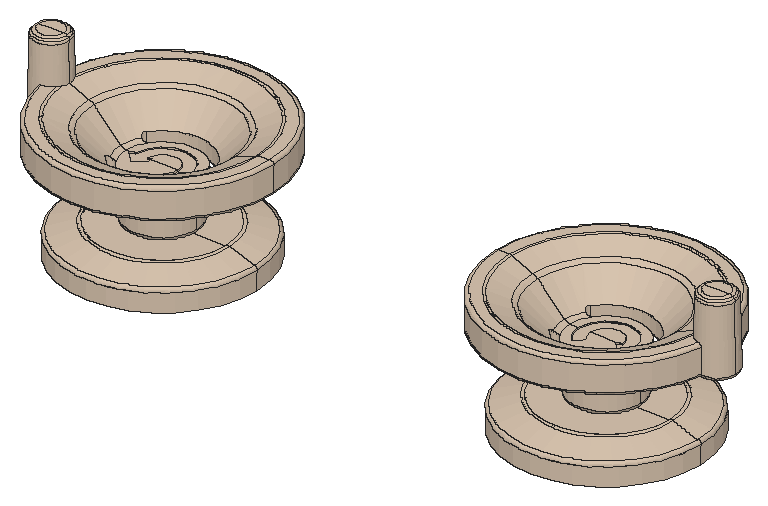
Revit family "Faucet-Wall_Mount-Handle-KALLISTA-Vice-P34893-1", category Plumbing Fixtures, host Face, Revit 2021
Family settings
  Host = Face
  Round Connector Dimension = Use Diameter
  Part Type = Normal
  OmniClass Number = 23.31.11.00
  OmniClass Title = Faucets
  Cut with Voids When Loaded = No
  Shared = No
  Room Calculation Point = No
Parameters (values of type "AF-French Gold")
  Width = 5.90551"  # constant formula
  WaterSense Certified = 1 = 0  # no
  Waste Water Outlet = "Waste Water Outlet"  # constant formula
  Waste Connection = 1 = 0  # no
  Vent Connection = 1 = 0  # no
  URL = "https://www.kallista.com/"
  Type = 1
  Product Page URL = ""
  Product Name = "Vice"  # constant formula
  Product Documentation Link = ""
  Pressure = 0.00 psi
  Model = if(Type = 1, "P34893-00-AF", if(Type = 2, "P34893-00-SN", if(Type = 3, "P34893-00-CP", if(Type = 4, "P34893-00-BGP", "NA"))))  # "P34893-00-AF"
  Material = "Premium Metal Construction"  # constant formula
  Master Format 2014 Name = "Residential Faucets, Supplies, and Trim"  # constant formula
  Master Format 2014 = "22 41 39"  # constant formula
  Manufacturer Address = "444 Highland Dr, Kohler, WI 53044"  # constant formula
  Manufacturer = "Kallista Co."  # constant formula
  Length = 2.16535"  # constant formula
  Hot Water Inlet = "Hot Water Inlet"  # constant formula
  Height = 2.95276"  # constant formula
  Handle Clearance = 3.20079"  # constant formula
  HW Connection = 1 = 1  # yes
  Flow Rate = 0 GPM
  Finish = Kallista-Metal-AF-French_Gold
  Environmental Product Declaration = ""
  Drain Included = 1 = 0  # no
  Description = "Wall Mount Bath Faucet Handles, Wheel"  # constant formula
  Default Elevation = 36"
  Declare Label = ""
  Date Modified = "04/26/2024"  # constant formula
  Date Created = "04/26/2024"  # constant formula
  Copyright = "Copyright Kallista Co."  # constant formula
  Contact Us = "https://www.kallista.com/corporate/contact-us/"
  Cold Water Inlet = "Cold Water Inlet"  # constant formula
  CW Connection = 1 = 1  # yes
  Assembly Code = "D2010"
  ADA Compliant = 1 = 0  # no
Types (5): name | Type | Model | Finish
  (no name) | 1 | "P34893-00-AF" | Kallista-Metal-AF-French_Gold
  AF-French Gold | 1 | "P34893-00-AF" | Kallista-Metal-AF-French_Gold
  SN-Polished Nickel | 2 | "P34893-00-SN" | Kallista-Metal-SN-Polished_Nickel
  CP-Chrome | 3 | "P34893-00-CP" | Kallista-Metal-CP-Chrome
  BGP | 4 | "P34893-00-BGP" | Kallista-Metal-BGP
Reference planes (in)
  plane 1 "Center (Front/Back)": y = 0
  plane 2: z = 0
  plane 3 "Center (Left/Right)": x = 0
  plane 4: x = -2.95276
  plane 5: x = 2.95276
  plane 6: x = -4.67717
  plane 7: y = -1.47638
  plane 8: x = -4.42913
  plane 9: x = -4.2126
  plane 10: x = -1.47638
  plane 11: x = -1.69291
  plane 12: y = 1.25984
  plane 13: y = 1.47638
  plane 14: y = -1.25984
  plane 15: x = 1.47638
  plane 16: x = 1.69291
  plane 17: x = 4.42913
  plane 18: x = 4.2126
  plane 19: x = 4.67717
  plane 20: z = 2.16535
  plane 21: z = 1.61417
  plane 22: z = 1.22047
  plane 23: z = 0.39405
Dimensions and locks (in)
  "Width": plane 4 to plane 5
  plane 4 to plane 10 = 1.47638"
  plane 8 to plane 4 = 1.47638"
  plane 9 to plane 4 = 1.25984"
  plane 4 to plane 11 = 1.25984"
  plane 16 to plane 5 = 1.25984"
  plane 5 to plane 18 = 1.25984"
  plane 5 to plane 17 = 1.47638"
  plane 15 to plane 5 = 1.47638"
  "Handle Clearance": plane 6 to plane 10
  "Handle Clearance": plane 15 to plane 19
  "Length": plane 20 to level
  plane 22 to level = 1.22047"
  plane 23 to level = 0.39405"
  plane 20 to plane 22 = 0.94488"
  plane 4 to plane 6 = 1.72441"
  plane 19 to plane 5 = 1.72441"
  level to plane 20 = 2.16535"
  plane 6 to plane 19 = 9.35433"
  "Height": plane 13 to plane 7
  aligned and locked: plane 2 to host face
  aligned and locked: level to host face
  aligned and locked: plane 4 to nested 1
  aligned and locked: plane 1 "Center (Front/Back)" to nested 1
  aligned and locked: plane 5 to nested 2
  aligned and locked: nested 2 to plane 1 "Center (Front/Back)"
Automatic sketch dimensions
  host sketch curve to host sketch curve = 96"  (x2)
Nested families (in)
  nested 1: "P34893" at (-2.95276, 0, 0), type "P34893"
  nested 2: "P34893" at (2.95276, 0, 0) x (-1, 0, 0) z (0, 0, 1), type "P34893"
Connectors (in)
  piping at (-2.95276, 0, 0), diameter 0.5, driven by "HW Connection", driven by "Hot Water Inlet"
    settings: on nested 1, index 1, connector inside diameter 24", connector length 0", flow factor 0, pipe flow 0 GPM, pressure drop 0.00 psi, fitting loss kfactor 0, connector angle 0.00°, fixture units 0, engagement length 0", angle of deflection 0.00°, flow configuration 0, flow direction 1, fitting loss method 0, system type 19, joint type 0, gender type 0, connector reference index -1, connector utility 1, adjustable connector no, is connector primary yes, connector description "Hot Water Inlet"
  piping at (2.95276, 0, 0), diameter 0.5, driven by "CW Connection", driven by "Cold Water Inlet"
    settings: on nested 2, index 2, connector inside diameter 24", connector length 0", flow factor 0, pipe flow 0 GPM, pressure drop 0.00 psi, fitting loss kfactor 0, connector angle 0.00°, fixture units 0, engagement length 0", angle of deflection 0.00°, flow configuration 0, flow direction 1, fitting loss method 0, system type 20, joint type 0, gender type 0, connector reference index -1, connector utility 1, adjustable connector no, is connector primary no, connector description "Cold Water Inlet"
Definition of nested family "P34893"
  Parameters
    Material = none
    Default Elevation = 0"
  Reference planes (in)
    plane 1 "Center (Front/Back)": y = 0
    plane 2: z = 0
    plane 3 "Center (Left/Right)": x = 0
    plane 4: x = 1.47638
    plane 5: x = -1.47638
    plane 6: y = 1.47638
    plane 7: y = -1.47638
    plane 8: y = -1.25984
    plane 9: y = 1.25984
    plane 10: x = 1.25984
    plane 11: x = -1.25984
    plane 12: x = -1.72441
    plane 13: z = 1.22047
    plane 14: z = 1.61417
    plane 15: z = 2.16535
    plane 16: z = 0.39405
  Forms (in)
    Revolve 1, solid, material <- "Material", detail levels medium+fine
      sketch origin (0, 0, 0) x (1, 0, 0) y (0, 0, 1)
        loop
          line (0, 0.39405) -> (-0.84758, 0.39405)
          arc (-0.84758, 0.39405) -> (-0.86964, 0.39241) -> (-0.89121, 0.38753) r 0.14921
          line (-0.89121, 0.38753) -> (-1.22365, 0.28589)
          arc (-1.22365, 0.28589) -> (-1.24981, 0.2674) -> (-1.25984, 0.23698) r 0.05115
          line (-1.25984, 0.23698) -> (-1.25984, 0) -> (0, 0) -> (0, 0.39405)
        axis (0, 0) -> (0, 0.39405)
      angle from 0 to 360
    Revolve 2, solid, material <- "Material", detail levels medium+fine
      sketch origin (0, 0, 0) x (1, 0, 0) y (0, 0, 1)
        loop
          line (0, 0.41399) -> (0.42554, 0.41399)
          arc (0.42554, 0.41399) -> (0.44945, 0.42374) -> (0.45972, 0.44743) r 0.03419
          line (0.45972, 0.44743) -> (0.467, 0.77838)
          arc (0.467, 0.77838) -> (0.50246, 0.86985) -> (0.5883, 0.91733) r 0.14388
          arc (0.5883, 0.91733) -> (0.60774, 0.92365) -> (0.62429, 0.93567) r 0.06539
          line (0.62429, 0.93567) -> (1.0492, 1.36059)
          arc (1.0492, 1.36059) -> (1.07285, 1.37991) -> (1.09987, 1.39413) r 0.15239
          line (1.09987, 1.39413) -> (1.22823, 1.44599)
          arc (1.22823, 1.44599) -> (1.28122, 1.44091) -> (1.3075, 1.39463) r 0.05769
          line (1.3075, 1.39463) -> (1.31317, 1.24158)
          arc (1.31317, 1.24158) -> (1.31955, 1.22731) -> (1.33405, 1.22146) r 0.02089
          line (1.33405, 1.22146) -> (1.45331, 1.22146)
          arc (1.45331, 1.22146) -> (1.46962, 1.22821) -> (1.47638, 1.24453) r 0.02307
          line (1.47638, 1.24453) -> (1.47638, 1.57021)
          arc (1.47638, 1.57021) -> (1.46321, 1.60199) -> (1.43143, 1.61516) r 0.04495
          line (1.43143, 1.61516) -> (1.28428, 1.61516)
          arc (1.28428, 1.61516) -> (1.26858, 1.61358) -> (1.25351, 1.6089) r 0.07874
          line (1.25351, 1.6089) -> (0.97723, 1.49163)
          arc (0.97723, 1.49163) -> (0.94407, 1.47362) -> (0.91495, 1.44962) r 0.19685
          line (0.91495, 1.44962) -> (0.55936, 1.09403)
          arc (0.55936, 1.09403) -> (0.52639, 1.07199) -> (0.48749, 1.06426) r 0.10164
          line (0.48749, 1.06426) -> (0, 1.06426) -> (0, 0.41399)
        axis (0, 0.41399) -> (0, 1.61516)
      angle from 0 to 360
    Extrusion 3, void
      sketch origin (0, 0.01845, 0) x (1, 0, 0) y (0, 1, 0)
        loop
          arc (-0.49427, 0.3193) -> (-0.48114, 0.24144) -> (-0.40332, 0.25479) r 0.05575
          arc (-0.40332, 0.25479) -> (-0.00073, 0.46358) -> (0.40186, 0.25479) r 0.49255
          arc (0.40186, 0.25479) -> (0.47969, 0.24144) -> (0.49282, 0.3193) r 0.05575
          arc (0.49282, 0.3193) -> (-0.00073, 0.57344) -> (-0.49427, 0.3193) r 0.60631
        loop
          arc (-0.49427, -0.35621) -> (-0.00073, -0.61035) -> (0.49282, -0.35621) r 0.60631
          arc (0.49282, -0.35621) -> (0.47969, -0.27835) -> (0.40186, -0.2917) r 0.05575
          arc (0.40186, -0.2917) -> (-0.00073, -0.50048) -> (-0.40332, -0.2917) r 0.49255
          arc (-0.40332, -0.2917) -> (-0.48114, -0.27835) -> (-0.49427, -0.35621) r 0.05575
      from 0.76778 to 1.23979
    Extrusion 4, void
      sketch origin (0, 0, 0) x (1, 0, 0) y (0, 1, 0)
        loop
          line (-0.41604, -0.03209) -> (-0.30937, -0.1548)
          arc (-0.30937, -0.1548) -> (-0.28524, -0.1658) -> (-0.26111, -0.1548) r 0.03197
          line (-0.26111, -0.1548) -> (-0.151, -0.02814)
          arc (-0.151, -0.02814) -> (-0.14681, 0.00077) -> (-0.17138, 0.01657) r 0.027
          line (-0.17138, 0.01657) -> (-0.20402, 0.01657)
          arc (-0.20402, 0.01657) -> (0.08143, 0.1878) -> (0.15154, -0.1376) r 0.20469
          arc (0.15154, -0.1376) -> (0.14425, -0.15719) -> (0.15248, -0.17642) r 0.02814
          line (0.15248, -0.17642) -> (0.22558, -0.24952)
          arc (0.22558, -0.24952) -> (0.24501, -0.25739) -> (0.26419, -0.24894) r 0.0269
          arc (0.26419, -0.24894) -> (0.14159, 0.33425) -> (-0.36262, 0.01657) r 0.363
          line (-0.36262, 0.01657) -> (-0.39386, 0.01657)
          arc (-0.39386, 0.01657) -> (-0.4206, -0.00063) -> (-0.41604, -0.03209) r 0.02938
      from 1.05063 to 1.08818
    Revolve 5, solid, material <- "Material", detail levels medium+fine
      sketch origin (0, 0, -0.07382) x (1, 0, 0) y (0, 0, 1)
        loop
          line (-1.47638, 1.29528) -> (-1.47638, 2.24016) -> (-1.64087, 2.24016)
          arc (-1.64087, 2.24016) -> (-1.66159, 2.23604) -> (-1.67915, 2.2243) r 0.05414
          line (-1.67915, 2.2243) -> (-1.70115, 2.2023)
          arc (-1.70115, 2.2023) -> (-1.70979, 2.18949) -> (-1.713, 2.17438) r 0.0405
          line (-1.713, 2.17438) -> (-1.72794, 1.31875)
          arc (-1.72794, 1.31875) -> (-1.72132, 1.30218) -> (-1.70487, 1.29528) r 0.02307
          line (-1.70487, 1.29528) -> (-1.47638, 1.29528)
        axis (-1.47638, 1.29528) -> (-1.47638, 2.24016)
      angle from 0 to 360
    Revolve 6, solid, material <- "Material", detail levels coarse
      sketch origin (0, 0, 0) x (1, 0, 0) y (0, 0, 1)
        loop
          line (-1.47638, 1.22157) -> (-1.47638, 2.16747) -> (-1.72441, 2.16747) -> (-1.72441, 1.22157) -> (-1.47638, 1.22157)
        axis (-1.47638, 1.22157) -> (-1.47638, 2.16747)
      angle from 0 to 360
    Extrusion 7, solid, material <- "Material", detail levels medium+fine
      sketch origin (0, 0, 0) x (1, 0, 0) y (0, 1, 0)
        loop
          circle (0, 0) r 0.11811
      from 0 to 0.06819
    Revolve 8, solid
      sketch origin (0, 0, 0) x (1, 0, 0) y (0, 0, 1)
        loop
          line (0.00608, 0.41954) -> (-0.27097, 0.41954) -> (-0.27097, 0.38759) -> (0.00608, 0.38759) -> (0.00608, 0.41954)
        axis (0.00608, 0.38759) -> (0.00608, 0.42696)
      angle from 0 to 360
    Revolve 9, solid, material <- "Material", detail levels coarse
      sketch origin (0, 0, 0) x (1, 0, 0) y (0, 0, 1)
        loop
          line (0, 0.41399) -> (0.45899, 0.41399) -> (0.467, 0.77838)
          arc (0.467, 0.77838) -> (0.50246, 0.86985) -> (0.5883, 0.91733) r 0.14388
          arc (0.5883, 0.91733) -> (0.60774, 0.92365) -> (0.62429, 0.93567) r 0.06539
          line (0.62429, 0.93567) -> (1.0492, 1.36059)
          arc (1.0492, 1.36059) -> (1.07285, 1.37991) -> (1.09987, 1.39413) r 0.15239
          line (1.09987, 1.39413) -> (1.22823, 1.44599)
          arc (1.22823, 1.44599) -> (1.28122, 1.44091) -> (1.3075, 1.39463) r 0.05769
          line (1.3075, 1.39463) -> (1.31391, 1.22146) -> (1.47638, 1.22146) -> (1.47638, 1.61516) -> (1.33629, 1.61516) -> (0.94201, 1.47667) -> (0.52959, 1.06426) -> (0, 1.06426) -> (0, 0.41399)
        axis (0, 0.41399) -> (0, 1.61516)
      angle from 0 to 360
    Revolve 10, solid, material <- "Material", detail levels coarse
      sketch origin (0, 0, 0) x (1, 0, 0) y (0, 0, 1)
        loop
          line (0, 0.39405) -> (-0.86988, 0.39405) -> (-1.25984, 0.27482) -> (-1.25984, 0) -> (0, 0) -> (0, 0.39405)
        axis (0, 0) -> (0, 0.39405)
      angle from 0 to 360
  Cuts and joins
    Extrusion 3, Extrusion 4 cuts Revolve 2
    joined: Revolve 2, Revolve 5
    Extrusion 3 cuts Revolve 9
  Lines and regions (in)
    Masking region 1
      outline origin (0, 0, 0) x (1, 0, 0) y (0, 1, 0)
        loop
          arc (-0.01575, 1.47638) -> (-0.94557, 1.14119) -> (-1.44767, 0.28982) r 1.45729
          arc (-1.44767, 0.28982) -> (-1.45797, 0.26759) -> (-1.47757, 0.25291) r 0.05009
          arc (-1.47757, 0.25291) -> (-1.55683, 0.23422) -> (-1.62912, 0.19675) r 0.33095
          arc (-1.62912, 0.19675) -> (-1.69913, 0.11802) -> (-1.72441, 0.01575) r 0.21954
          line (-1.72441, 0.01575) -> (-1.72441, -0.01575)
          arc (-1.72441, -0.01575) -> (-1.69913, -0.11802) -> (-1.62912, -0.19675) r 0.21954
          arc (-1.62912, -0.19675) -> (-1.55683, -0.23422) -> (-1.47757, -0.25291) r 0.33095
          arc (-1.47757, -0.25291) -> (-1.45797, -0.26759) -> (-1.44767, -0.28982) r 0.05009
          arc (-1.44767, -0.28982) -> (-0.94557, -1.14119) -> (-0.01575, -1.47638) r 1.45729
          line (-0.01575, -1.47638) -> (0.01575, -1.47638)
          arc (0.01575, -1.47638) -> (1.04857, -1.04857) -> (1.47638, -0.01575) r 1.46063
          line (1.47638, -0.01575) -> (1.47638, 0.01575)
          arc (1.47638, 0.01575) -> (1.04857, 1.04857) -> (0.01575, 1.47638) r 1.46063
          line (0.01575, 1.47638) -> (-0.01575, 1.47638)
    Masking region 2
      outline origin (0, 0, 0) x (1, 0, 0) y (0, 0, 1)
        loop
          arc (-1.72441, 1.24409) -> (-1.71749, 1.22739) -> (-1.70079, 1.22047) r 0.02362
          line (-1.70079, 1.22047) -> (-0.90049, 1.22047) -> (-0.62434, 0.94432)
          arc (-0.62434, 0.94432) -> (-0.59076, 0.9242) -> (-0.55396, 0.9109) r 0.20331
          arc (-0.55396, 0.9109) -> (-0.52201, 0.89738) -> (-0.49547, 0.87504) r 0.11627
          arc (-0.49547, 0.87504) -> (-0.47435, 0.84024) -> (-0.46653, 0.80028) r 0.11627
          line (-0.46653, 0.80028) -> (-0.46035, 0.44603)
          arc (-0.46035, 0.44603) -> (-0.45061, 0.42335) -> (-0.42776, 0.414) r 0.0326
          line (-0.42776, 0.414) -> (-0.30435, 0.414) -> (-0.26979, 0.39405) -> (-0.83295, 0.39405)
          arc (-0.83295, 0.39405) -> (-0.86837, 0.39141) -> (-0.90301, 0.38358) r 0.23962
          line (-0.90301, 0.38358) -> (-1.2237, 0.28553)
          arc (-1.2237, 0.28553) -> (-1.24982, 0.26707) -> (-1.25984, 0.23669) r 0.05107
          line (-1.25984, 0.23669) -> (-1.25984, 0) -> (1.25984, 0) -> (1.25984, 0.23669)
          arc (1.25984, 0.23669) -> (1.24982, 0.26707) -> (1.2237, 0.28553) r 0.05107
          line (1.2237, 0.28553) -> (0.90301, 0.38358)
          arc (0.90301, 0.38358) -> (0.86837, 0.39141) -> (0.83295, 0.39405) r 0.23962
          line (0.83295, 0.39405) -> (0.26979, 0.39405) -> (0.30435, 0.414) -> (0.42775, 0.414)
          arc (0.42775, 0.414) -> (0.45061, 0.42335) -> (0.46036, 0.44604) r 0.03261
          line (0.46036, 0.44604) -> (0.46653, 0.80028)
          arc (0.46653, 0.80028) -> (0.47435, 0.84024) -> (0.49547, 0.87504) r 0.11627
          arc (0.49547, 0.87504) -> (0.52201, 0.89738) -> (0.55396, 0.9109) r 0.11627
          arc (0.55396, 0.9109) -> (0.59076, 0.9242) -> (0.62434, 0.94432) r 0.20331
          line (0.62434, 0.94432) -> (0.90049, 1.22047) -> (1.44954, 1.22047)
          arc (1.44954, 1.22047) -> (1.46852, 1.22833) -> (1.47638, 1.24732) r 0.02684
          line (1.47638, 1.24732) -> (1.47638, 1.34389) -> (1.47074, 1.57675)
          arc (1.47074, 1.57675) -> (1.45918, 1.60327) -> (1.43239, 1.61417) r 0.03836
          line (1.43239, 1.61417) -> (-1.23003, 1.61417) -> (-1.24164, 2.09944)
          arc (-1.24164, 2.09944) -> (-1.24523, 2.11592) -> (-1.25468, 2.12988) r 0.04456
          line (-1.25468, 2.12988) -> (-1.27862, 2.15382)
          arc (-1.27862, 2.15382) -> (-1.29139, 2.16236) -> (-1.30645, 2.16535) r 0.03937
          line (-1.30645, 2.16535) -> (-1.6463, 2.16535)
          arc (-1.6463, 2.16535) -> (-1.66137, 2.16236) -> (-1.67414, 2.15382) r 0.03937
          line (-1.67414, 2.15382) -> (-1.69808, 2.12988)
          arc (-1.69808, 2.12988) -> (-1.70753, 2.11592) -> (-1.71112, 2.09944) r 0.04456
          line (-1.71112, 2.09944) -> (-1.72441, 1.54377) -> (-1.72441, 1.24409)
    Masking region 3
      outline origin (0, 0, 0) x (0, 1, 0) y (0, 0, 1)
        loop
          line (1.25984, 0) -> (1.25984, 0.24719)
          arc (1.25984, 0.24719) -> (1.25253, 0.26937) -> (1.23345, 0.28285) r 0.03729
          line (1.23345, 0.28285) -> (0.89303, 0.38693)
          arc (0.89303, 0.38693) -> (0.86948, 0.39226) -> (0.84539, 0.39405) r 0.16296
          line (0.84539, 0.39405) -> (0.35473, 0.39405) -> (0.38699, 0.41267) -> (0.4253, 0.41267)
          arc (0.4253, 0.41267) -> (0.45, 0.4224) -> (0.46058, 0.44674) r 0.03468
          line (0.46058, 0.44674) -> (0.46658, 0.79049)
          arc (0.46658, 0.79049) -> (0.47084, 0.81992) -> (0.4823, 0.84736) r 0.11822
          arc (0.4823, 0.84736) -> (0.48829, 0.86187) -> (0.49033, 0.87744) r 0.06034
          line (0.49033, 0.87744) -> (0.49033, 0.93937) -> (0.61184, 0.93937)
          arc (0.61184, 0.93937) -> (0.62715, 0.94244) -> (0.64009, 0.95118) r 0.03971
          line (0.64009, 0.95118) -> (0.9061, 1.22047) -> (1.45669, 1.22047)
          arc (1.45669, 1.22047) -> (1.47061, 1.22624) -> (1.47638, 1.24016) r 0.01969
          line (1.47638, 1.24016) -> (1.47638, 1.30735) -> (1.46937, 1.57583)
          arc (1.46937, 1.57583) -> (1.45748, 1.603) -> (1.43001, 1.61417) r 0.03937
          line (1.43001, 1.61417) -> (0.27441, 1.61417)
          arc (0.27441, 1.61417) -> (0.2526, 1.62309) -> (0.2433, 1.64474) r 0.03111
          line (0.2433, 1.64474) -> (0.23536, 2.09946)
          arc (0.23536, 2.09946) -> (0.23212, 2.11472) -> (0.2234, 2.12765) r 0.04087
          line (0.2234, 2.12765) -> (0.1978, 2.15325)
          arc (0.1978, 2.15325) -> (0.18439, 2.16221) -> (0.16857, 2.16535) r 0.04133
          line (0.16857, 2.16535) -> (-0.16857, 2.16535)
          arc (-0.16857, 2.16535) -> (-0.18439, 2.16221) -> (-0.1978, 2.15325) r 0.04133
          line (-0.1978, 2.15325) -> (-0.2234, 2.12765)
          arc (-0.2234, 2.12765) -> (-0.23212, 2.11472) -> (-0.23536, 2.09946) r 0.04087
          line (-0.23536, 2.09946) -> (-0.2433, 1.64474)
          arc (-0.2433, 1.64474) -> (-0.2526, 1.62309) -> (-0.27441, 1.61417) r 0.03111
          line (-0.27441, 1.61417) -> (-1.43001, 1.61417)
          arc (-1.43001, 1.61417) -> (-1.45748, 1.603) -> (-1.46937, 1.57583) r 0.03937
          line (-1.46937, 1.57583) -> (-1.47638, 1.30735) -> (-1.47638, 1.24016)
          arc (-1.47638, 1.24016) -> (-1.47061, 1.22624) -> (-1.45669, 1.22047) r 0.01969
          line (-1.45669, 1.22047) -> (-0.9061, 1.22047) -> (-0.64009, 0.95118)
          arc (-0.64009, 0.95118) -> (-0.62715, 0.94244) -> (-0.61184, 0.93937) r 0.03971
          line (-0.61184, 0.93937) -> (-0.48946, 0.93937) -> (-0.48946, 0.87745)
          arc (-0.48946, 0.87745) -> (-0.48741, 0.86189) -> (-0.48143, 0.84737) r 0.06034
          arc (-0.48143, 0.84737) -> (-0.46996, 0.81994) -> (-0.46571, 0.79051) r 0.11822
          line (-0.46571, 0.79051) -> (-0.46058, 0.44674)
          arc (-0.46058, 0.44674) -> (-0.45, 0.4224) -> (-0.4253, 0.41267) r 0.03468
          line (-0.4253, 0.41267) -> (-0.38699, 0.41267) -> (-0.35473, 0.39405) -> (-0.84539, 0.39405)
          arc (-0.84539, 0.39405) -> (-0.86948, 0.39226) -> (-0.89303, 0.38693) r 0.16296
          line (-0.89303, 0.38693) -> (-1.23345, 0.28285)
          arc (-1.23345, 0.28285) -> (-1.25253, 0.26937) -> (-1.25984, 0.24719) r 0.03729
          line (-1.25984, 0.24719) -> (-1.25984, 0) -> (1.25984, 0)
    symbolic lines, detail levels medium+fine
      curve 1: circle (-1.47638, 0, 0) r 0.17374 normal (0, 0, 1)
      curve 2: circle (-1.47638, 0, 0) r 0.18766 normal (0, 0, 1)
      curve 3: circle (-1.47638, 0, 0) r 0.22583 normal (0, 0, 1)
      curve 4: circle (-1.47638, 0, 0) r 0.23319 normal (0, 0, 1)
      curve 5: arc (-1.2343, -0.13127, 0) -> (-1.20099, 0, 0) -> (-1.2343, 0.13127, 0) r 0.27538
      curve 6: arc (-1.2343, 0.13127, 0) -> (-1.23956, 0.14079, 0) -> (-1.24498, 0.15022, 0) r 0.65678
      curve 7: arc (-1.30865, 0.2405, 0) -> (-1.35069, 0.27483, 0) -> (-1.40238, 0.29137, 0) r 0.14553
      curve 8: arc (-1.2343, -0.13127, 0) -> (-1.23956, -0.14079, 0) -> (-1.24498, -0.15022, 0) r 0.65678
      curve 9: arc (-1.30865, -0.2405, 0) -> (-1.35069, -0.27483, 0) -> (-1.40238, -0.29137, 0) r 0.14553
      curve 10: circle (0, 0, 0) r 0.91336 normal (0, 0, 1)
      curve 11: circle (0, 0, 0) r 0.98425 normal (0, 0, 1)
      curve 12: arc (-1.28666, -0.21284, 0) -> (1.30415, 0, 0) -> (-1.28666, 0.21284, 0) r 1.30415
      curve 13: arc (-1.24498, -0.15022, 0) -> (1.25401, 0, 0) -> (-1.24498, 0.15022, 0) r 1.25401
      curve 14: arc (-1.40238, -0.29137, 0) -> (1.43233, 0, 0) -> (-1.40238, 0.29137, 0) r 1.43233
      curve 15: arc (-0.38995, 0.2648, 0) -> (-0.00117, 0.46883, 0) -> (0.38746, 0.26451, 0) r 0.47209
      curve 16: arc (-0.40178, 0.28023, 0) -> (-0.00154, 0.48833, 0) -> (0.39887, 0.28055, 0) r 0.48933
      curve 17: arc (-0.49104, 0.34257, 0) -> (-0.00118, 0.59925, 0) -> (0.48947, 0.34408, 0) r 0.59753
      curve 18: arc (-0.50157, 0.3408, 0) -> (-0.00098, 0.60753, 0) -> (0.49962, 0.34082, 0) r 0.60313
      curve 19: arc (-0.40178, 0.28023, 0) -> (-0.4775, 0.26689, 0) -> (-0.49104, 0.34257, 0) r 0.05444
      curve 20: arc (-0.38995, 0.2648, 0) -> (-0.40677, 0.24785, 0) -> (-0.42844, 0.23782, 0) r 0.06752
      curve 21: arc (0.39887, 0.28055, 0) -> (0.47589, 0.26708, 0) -> (0.48947, 0.34408, 0) r 0.05532
      curve 22: arc (0.49962, 0.34082, 0) -> (0.51115, 0.30334, 0) -> (0.50001, 0.26574, 0) r 0.06783
      curve 23: arc (-0.38995, -0.2648, 0) -> (-0.00117, -0.46883, 0) -> (0.38746, -0.26451, 0) r 0.47209
      curve 24: arc (-0.40178, -0.28023, 0) -> (-0.00154, -0.48833, 0) -> (0.39887, -0.28055, 0) r 0.48933
      curve 25: arc (-0.49104, -0.34257, 0) -> (-0.00118, -0.59925, 0) -> (0.48947, -0.34408, 0) r 0.59753
      curve 26: arc (-0.50157, -0.3408, 0) -> (-0.00098, -0.60753, 0) -> (0.49962, -0.34082, 0) r 0.60313
      curve 27: arc (-0.40178, -0.28023, 0) -> (-0.4775, -0.26689, 0) -> (-0.49104, -0.34257, 0) r 0.05444
      curve 28: arc (-0.38995, -0.2648, 0) -> (-0.40677, -0.24785, 0) -> (-0.42844, -0.23782, 0) r 0.06752
      curve 29: arc (0.39887, -0.28055, 0) -> (0.47589, -0.26708, 0) -> (0.48947, -0.34408, 0) r 0.05532
      curve 30: arc (0.49962, -0.34082, 0) -> (0.51115, -0.30334, 0) -> (0.50001, -0.26574, 0) r 0.06783
      curve 31: arc (-0.50078, 0.26433, 0) -> (-0.56855, 0, 0) -> (-0.50078, -0.26433, 0) r 0.54945
      curve 32: arc (-0.42844, 0.23782, 0) -> (-0.49068, 0, 0) -> (-0.42844, -0.23782, 0) r 0.48548
      curve 33: arc (-0.50078, 0.26433, 0) -> (-0.51304, 0.30244, 0) -> (-0.50157, 0.3408, 0) r 0.06752
      curve 34: arc (-0.42844, 0.23782, 0) -> (-0.46877, 0.23974, 0) -> (-0.50078, 0.26433, 0) r 0.06752
      curve 35: arc (-0.42844, -0.23782, 0) -> (-0.46877, -0.23974, 0) -> (-0.50078, -0.26433, 0) r 0.06752
      curve 36: arc (-0.50078, -0.26433, 0) -> (-0.51304, -0.30244, 0) -> (-0.50157, -0.3408, 0) r 0.06752
      curve 37: arc (0.50001, 0.26574, 0) -> (0.56855, 0, 0) -> (0.50001, -0.26574, 0) r 0.54945
      curve 38: arc (0.42909, 0.23667, 0) -> (0.49068, 0, 0) -> (0.42909, -0.23667, 0) r 0.48548
      curve 39: arc (0.42909, 0.23667, 0) -> (0.40561, 0.24661, 0) -> (0.38746, 0.26451, 0) r 0.06783
      curve 40: arc (0.50001, 0.26574, 0) -> (0.46905, 0.24022, 0) -> (0.42909, 0.23667, 0) r 0.06783
      curve 41: arc (0.42909, -0.23667, 0) -> (0.40561, -0.24661, 0) -> (0.38746, -0.26451, 0) r 0.06783
      curve 42: arc (0.50001, -0.26574, 0) -> (0.46905, -0.24022, 0) -> (0.42909, -0.23667, 0) r 0.06783
      curve 43: line (-0.3668, 0.01742, 0) -> (-0.39865, 0.01742, 0)
      curve 44: line (-0.20102, 0.01742, 0) -> (-0.16948, 0.01742, 0)
      curve 45: line (-0.26035, -0.15472, 0) -> (-0.14954, -0.02607, 0)
      curve 46: line (-0.30934, -0.15467, 0) -> (-0.419, -0.02687, 0)
      curve 47: arc (0.15082, -0.13141, 0) -> (0.07818, 0.18719, 0) -> (-0.20102, 0.01742, 0) r 0.20137
      curve 48: arc (0.2766, -0.24153, 0) -> (0.1371, 0.34066, 0) -> (-0.3668, 0.01742, 0) r 0.36721
      curve 49: arc (-0.26035, -0.15472, 0) -> (-0.28485, -0.16594, 0) -> (-0.30934, -0.15467, 0) r 0.0323
      curve 50: arc (-0.16948, 0.01742, 0) -> (-0.14556, 0.00207, 0) -> (-0.14954, -0.02607, 0) r 0.02632
      curve 51: arc (-0.39865, 0.01742, 0) -> (-0.42302, 0.0018, 0) -> (-0.419, -0.02687, 0) r 0.02682
      curve 52: line (0.15176, -0.16124, 0) -> (0.2335, -0.24298, 0)
      curve 53: arc (0.15176, -0.16124, 0) -> (0.14538, -0.14651, 0) -> (0.15082, -0.13141, 0) r 0.02181
      curve 54: arc (0.2335, -0.24298, 0) -> (0.25537, -0.25161, 0) -> (0.2766, -0.24153, 0) r 0.02951
      curve 55: line (-0.49865, 0, 0.94755) -> (0, 0, 0.94755)
      curve 56: line (0, 0, 0.95425) -> (-0.51871, 0, 0.95425)
      curve 57: arc (-0.51871, 0, 0.95425) -> (-0.52499, 0, 0.95286) -> (-0.53033, 0, 0.94926) r 0.01717
      curve 58: arc (-0.52742, 0, 0.92259) -> (-0.51212, 0, 0.9155) -> (-0.4955, 0, 0.91263) r 0.06437
      curve 59: arc (-0.4955, 0, 0.91263) -> (-0.47787, 0, 0.90869) -> (-0.46276, 0, 0.8988) r 0.05046
      curve 60: arc (-0.46276, 0, 0.8988) -> (-0.42154, 0, 0.87257) -> (-0.37349, 0, 0.86376) r 0.12749
      curve 61: line (-0.37349, 0, 0.86376) -> (0, 0, 0.86376)
      curve 62: line (0, 0, 0.87651) -> (-0.38721, 0, 0.87651)
      curve 63: line (-0.45126, 0, 0.91503) -> (-0.41925, 0, 0.88816)
      curve 64: arc (-0.41925, 0, 0.88816) -> (-0.40426, 0, 0.87951) -> (-0.38721, 0, 0.87651) r 0.04983
      curve 65: arc (-0.49865, 0, 0.9289) -> (-0.4735, 0, 0.92693) -> (-0.45126, 0, 0.91503) r 0.06146
      curve 66: arc (-0.49865, 0, 0.94755) -> (-0.50925, 0, 0.93823) -> (-0.49865, 0, 0.9289) r 0.0094
      curve 67: line (0.49865, 0, 0.94755) -> (0, 0, 0.94755)
      curve 68: line (0, 0, 0.87651) -> (0.38721, 0, 0.87651)
      curve 69: line (0.45126, 0, 0.91503) -> (0.41925, 0, 0.88816)
      curve 70: arc (0.41925, 0, 0.88816) -> (0.40426, 0, 0.87951) -> (0.38721, 0, 0.87651) r 0.04983
      curve 71: arc (0.49865, 0, 0.9289) -> (0.4735, 0, 0.92693) -> (0.45126, 0, 0.91503) r 0.06146
      curve 72: arc (0.49865, 0, 0.94755) -> (0.50925, 0, 0.93823) -> (0.49865, 0, 0.9289) r 0.0094
      curve 73: line (0, 0, 0.95425) -> (0.51871, 0, 0.95425)
      curve 74: arc (0.51871, 0, 0.95425) -> (0.52499, 0, 0.95286) -> (0.53033, 0, 0.94926) r 0.01717
      curve 75: arc (0.52742, 0, 0.92259) -> (0.51212, 0, 0.9155) -> (0.4955, 0, 0.91263) r 0.06437
      curve 76: arc (0.4955, 0, 0.91263) -> (0.47787, 0, 0.90869) -> (0.46276, 0, 0.8988) r 0.05046
      curve 77: arc (0.46276, 0, 0.8988) -> (0.42154, 0, 0.87257) -> (0.37349, 0, 0.86376) r 0.12749
      curve 78: line (0.37349, 0, 0.86376) -> (0, 0, 0.86376)
      curve 79: line (-0.46508, 0, 0.80031) -> (0.46508, 0, 0.80031)
      curve 80: line (0.62434, 0, 0.94432) -> (0.53033, 0, 0.94926)
      curve 81: line (0.55396, 0, 0.9109) -> (0.4955, 0, 0.91263)
      curve 82: line (-0.62434, 0, 0.94432) -> (-0.53033, 0, 0.94926)
      curve 83: line (-0.55396, 0, 0.9109) -> (-0.4955, 0, 0.91263)
      curve 84: line (-1.23003, 0, 1.61417) -> (-1.40853, 0, 1.61417)
      curve 85: line (-1.44069, 0, 1.57675) -> (-1.45143, 0, 1.24437)
      curve 86: arc (-1.45143, 0, 1.24437) -> (-1.44443, 0, 1.22747) -> (-1.42753, 0, 1.22047) r 0.0239
      curve 87: line (-1.48494, 0, 1.24434) -> (-1.48494, 0, 1.58923)
      curve 88: line (-1.41012, 0, 1.66405) -> (-1.31741, 0, 1.66405)
      curve 89: line (-1.31741, 0, 1.66405) -> (-1.23047, 0, 1.63241)
      curve 90: arc (-1.48494, 0, 1.58923) -> (-1.46303, 0, 1.64214) -> (-1.41012, 0, 1.66405) r 0.07482
      curve 91: arc (-0.53033, 0, 0.94926) -> (-0.53529, 0, 0.93522) -> (-0.52742, 0, 0.92259) r 0.01717
      curve 92: arc (0.53033, 0, 0.94926) -> (0.53529, 0, 0.93522) -> (0.52742, 0, 0.92259) r 0.01717
      curve 93: line (0, 0.2763, 1.61417) -> (0, 0.28624, 1.22047)
      curve 94: line (0, -0.27441, 1.61417) -> (0, -0.28668, 1.22047)
      curve 95: arc (0, 0.25569, 1.24478) -> (0, 0.24378, 1.2286) -> (0, 0.2254, 1.22047) r 0.03906
      curve 96: arc (0, -0.25569, 1.24478) -> (0, -0.24378, 1.2286) -> (0, -0.2254, 1.22047) r 0.03906
      curve 97: line (0, 0.49033, 0.93937) -> (0, 0.37364, 0.93937)
      curve 98: arc (0, 0.37364, 0.93937) -> (0, 0.34433, 0.93604) -> (0, 0.31651, 0.92623) r 0.13068
      curve 99: arc (0, 0.31651, 0.92623) -> (0, 0.28775, 0.91366) -> (0, 0.25807, 0.90345) r 0.38835
      curve 100: line (0, 0.4823, 0.84736) -> (0, 0.27256, 0.85454)
      curve 101: arc (0, 0.27256, 0.85454) -> (0, 0.24709, 0.8734) -> (0, 0.25772, 0.90327) r 0.02662
      curve 102: line (0, 0.49033, 0.87744) -> (0, 0.2819, 0.86697)
      curve 103: arc (0, 0.2819, 0.86697) -> (0, 0.26011, 0.87872) -> (0, 0.25794, 0.90338) r 0.02609
      curve 104: line (0, 0.64009, 0.95118) -> (0, 0.38814, 0.95118)
      curve 105: arc (0, 0.38814, 0.95118) -> (0, 0.34793, 0.94618) -> (0, 0.31016, 0.93151) r 0.16444
      curve 106: line (0, 0.31016, 0.93151) -> (0, 0.25772, 0.90327)
      curve 107: line (0, -0.48946, 0.93937) -> (0, -0.37364, 0.93937)
      curve 108: arc (0, -0.37364, 0.93937) -> (0, -0.34433, 0.93604) -> (0, -0.31651, 0.92623) r 0.13068
      curve 109: arc (0, -0.31651, 0.92623) -> (0, -0.28775, 0.91366) -> (0, -0.25807, 0.90345) r 0.38835
      curve 110: line (0, -0.48143, 0.84737) -> (0, -0.27256, 0.85454)
      curve 111: arc (0, -0.27256, 0.85454) -> (0, -0.24709, 0.8734) -> (0, -0.25772, 0.90327) r 0.02662
      curve 112: line (0, -0.48946, 0.87745) -> (0, -0.2819, 0.86697)
      curve 113: arc (0, -0.2819, 0.86697) -> (0, -0.26011, 0.87872) -> (0, -0.25794, 0.90338) r 0.02609
      curve 114: line (0, -0.64009, 0.95118) -> (0, -0.38814, 0.95118)
      curve 115: arc (0, -0.38814, 0.95118) -> (0, -0.34793, 0.94618) -> (0, -0.31016, 0.93151) r 0.16444
      curve 116: line (0, -0.31016, 0.93151) -> (0, -0.25772, 0.90327)
      curve 117: line (0, 0.46658, 0.79049) -> (0, -0.46571, 0.79051)
      curve 118: line (0, 0.25772, 0.90327) -> (0, -0.25772, 0.90327)
      curve 119: line (0, -0.31016, 0.93151) -> (0, 0.31016, 0.93151)
      curve 120: line (0, 0.2234, 2.12765) -> (0, -0.2234, 2.12765)
      curve 121: line (0, -0.23536, 2.09946) -> (0, 0.23536, 2.09946)
      curve 122: line (0, 0.1978, 2.15325) -> (0, -0.1978, 2.15325)
      curve 123: line (0, 0.2433, 1.64474) -> (0, 0.25569, 1.24478)
      curve 124: line (0, -0.2433, 1.64474) -> (0, -0.25569, 1.24478)
      curve 125: line (0, 0.9061, 1.22047) -> (0, 0.2254, 1.22047)
      curve 126: line (0, 0.2254, 1.22047) -> (0, -0.2254, 1.22047)
      curve 127: line (0, -0.2254, 1.22047) -> (0, -0.9061, 1.22047)
      curve 128: arc (-1.40238, -0.29137, 0) -> (-1.42509, -0.29237, 0) -> (-1.44767, -0.28982, 0) r 0.14553
      curve 129: arc (-1.40238, 0.29137, 0) -> (-1.42509, 0.29237, 0) -> (-1.44767, 0.28982, 0) r 0.14553
      curve 130: arc (-1.28666, 0.21284, 0) -> (-1.29747, 0.22682, 0) -> (-1.30865, 0.2405, 0) r 0.65678
      curve 131: arc (-1.24493, 0.15013, 0) -> (-1.2649, 0.18208, 0) -> (-1.28666, 0.21284, 0) r 0.65678
      curve 132: arc (-1.28666, -0.21284, 0) -> (-1.29747, -0.22682, 0) -> (-1.30865, -0.2405, 0) r 0.65678
      curve 133: arc (-1.24498, -0.15022, 0) -> (-1.26493, -0.18213, 0) -> (-1.28666, -0.21284, 0) r 0.65678
      curve 134: line (-1.72441, 0, 1.24409) -> (1.47638, 0, 1.24732)
      curve 135: line (1.47074, 0, 1.57675) -> (-1.44069, 0, 1.57675)
      curve 136: arc (-1.40853, 0, 1.61417) -> (-1.4332, 0, 1.60284) -> (-1.44069, 0, 1.57675) r 0.03253
      curve 137: line (-1.71112, 0, 2.09944) -> (-1.24164, 0, 2.09944)
      curve 138: line (-1.25468, 0, 2.12988) -> (-1.69808, 0, 2.12988)
      curve 139: line (-1.67414, 0, 2.15382) -> (-1.27862, 0, 2.15382)
      curve 140: line (-0.26979, 0, 0.39405) -> (0.26979, 0, 0.39405)
      curve 141: line (0.30435, 0, 0.414) -> (-0.30435, 0, 0.414)
      curve 142: line (-0.90301, 0, 0.38358) -> (0.90301, 0, 0.38358)
      curve 143: line (1.2237, 0, 0.28553) -> (-1.2237, 0, 0.28553)
      curve 144: line (-1.25984, 0, 0.23669) -> (1.25984, 0, 0.23669)
      curve 145: line (-0.46035, 0, 0.44603) -> (0.46036, 0, 0.44604)
      curve 146: line (0, 1.46937, 1.57583) -> (0, 0.24543, 1.57583)
      curve 147: line (0, -1.46937, 1.57583) -> (0, -0.24543, 1.57583)
      curve 148: line (0, -1.47638, 1.24016) -> (0, 1.47638, 1.24016)
      curve 149: line (0, 0.38699, 0.41267) -> (0, -0.38699, 0.41267)
      curve 150: line (0, -0.46058, 0.44674) -> (0, 0.46058, 0.44674)
      curve 151: line (0, 0.35473, 0.39405) -> (0, -0.35473, 0.39405)
      curve 152: line (0, 0.89303, 0.38693) -> (0, -0.89303, 0.38693)
      curve 153: line (0, -1.23345, 0.28285) -> (0, 1.23345, 0.28285)
      curve 154: line (0, 1.25984, 0.24719) -> (0, -1.25984, 0.24719)
      curve 155: line (-0.90049, 0, 1.22047) -> (0.90049, 0, 1.22047)
  Dimensions and locks (in)
    plane 10 to plane 11 = 2.51969"
    plane 12 to plane 3 "Center (Left/Right)" = 1.72441"
    aligned and locked: plane 2 to level
